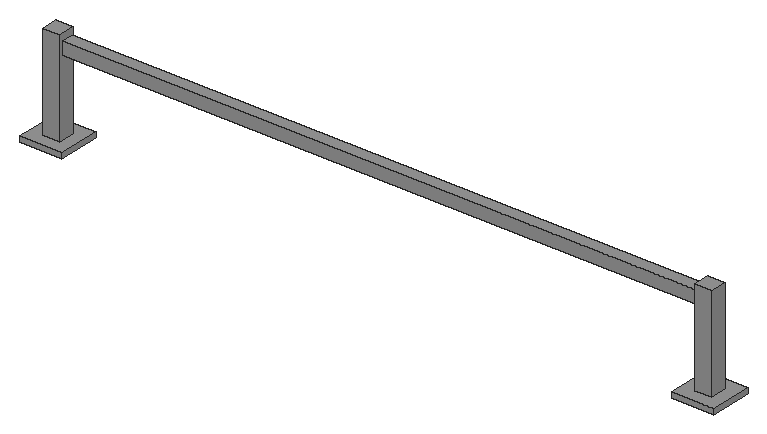
Revit family "BRONZE Toallero barra EY2011012", category Generic Models, host Face, Revit 2014
Parameters
  largo = 145 mm
  alto = 120 mm
  MODELO = "BRONZE"
  MARCA = "WASSER"
  EMPRESA = "CHC COMERCIAL HISPANO CHILENA"
  Default Elevation = 1219.2 mm
  DIMENSIONES = ""
  CÓDIGO = "EY2011012"
  ACCESORIO = "TOALLERO BARRA"
Reference planes
  plane 1 "Center (Front/Back)": y = 0
  plane 2: z = 0
  plane 3 "Center (Left/Right)": x = 0
  plane 4: x = -72.5
  plane 5: z = 95
  plane 6: y = 20
  plane 7: y = -20
  plane 8: y = 4
  plane 9: y = -4
  plane 10: x = -20
  plane 11: x = 635
  plane 12: x = 26
  plane 13: y = -99.961
  plane 14: y = 260.039
  plane 15: z = 150
Forms (mm)
  Extrusion 1, solid, material "Steel, Polished"
    sketch origin (0, -40, 0) x (1, 0, 0) y (0, 1, 0)
      loop
        line (-20, 60) -> (-20, 20) -> (20, 20) -> (20, 60) -> (-20, 60)
    from 0 to 5
  Extrusion 2, solid, material "Steel, Polished"
    sketch origin (0, -40, 0) x (1, 0, 0) y (0, 1, 0)
      loop
        line (-8, 48) -> (-8, 32) -> (8, 32) -> (8, 48) -> (-8, 48)
    from 5 to 95
  Extrusion 3, solid, material "Steel, Polished"
    sketch origin (615, -40, 0) x (1, 0, 0) y (0, 1, 0)
      loop
        line (-20, 60) -> (-20, 20) -> (20, 20) -> (20, 60) -> (-20, 60)
    from 0 to 5
  Extrusion 4, solid, material "Steel, Polished"
    sketch origin (615, -40, 0) x (1, 0, 0) y (0, 1, 0)
      loop
        line (-8, 48) -> (-8, 32) -> (8, 32) -> (8, 48) -> (-8, 48)
    from 5 to 95
  Extrusion 5, solid, material "Steel, Polished"
    sketch origin (0, 6, 4.41) x (1, 0, 0) y (0, 0, 1)
      loop
        line (8, 85) -> (8, 73) -> (607, 73) -> (607, 85) -> (8, 85)
    from 0 to 12
Dimensions and locks
  plane 4 to plane 3 "Center (Left/Right)" = 72.5 mm
  aligned and locked: plane 2 to host face
  aligned and locked: level to host face
